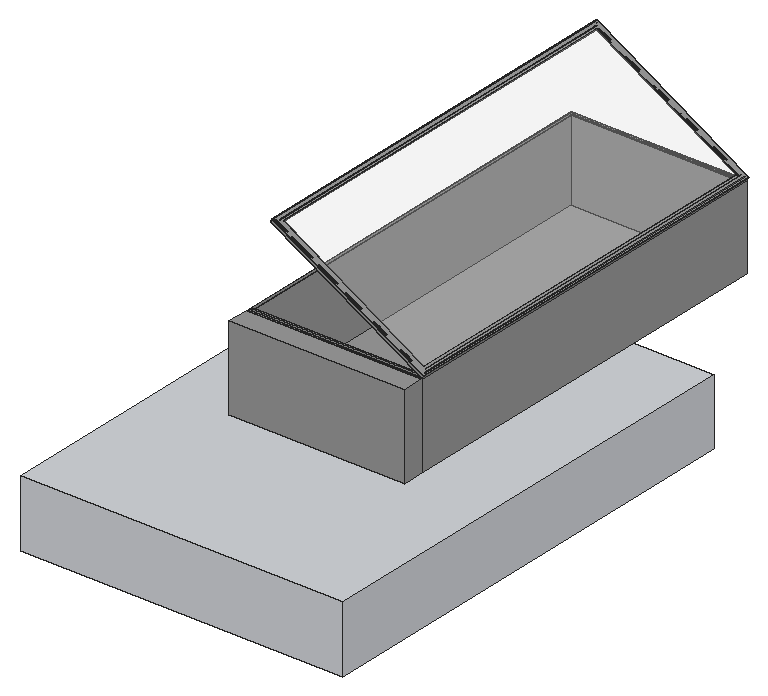
Revit family "Hager-Univers-IP55-D400-H1950-Cl.I-Steel_encl-CH-en", category Equipement électrique, Revit 2020
Family settings
  Hôte = Face
  Configuration du panneau = Deux colonnes, circuits au sein
  Cote de connecteur circulaire = Utiliser le diamètre
  Type d'élément = Tableau de raccordement
  Couper avec des vides une fois chargée = Non
  Partagée = Non
  Point de calcul de pièce = Non
Parameters (values of type "Floor installation IP55 W800 H1950 D400  - FR23V1")
  Width Control [instance] = if([EF000008 - Width] > Min Width, [EF000008 - Width], Min Width)  # 800 mm
  Commentaires du type = [HG000003 - Range]  # "Univers"
  Thickness Door [instance] = if([EF009171 - Material plate thickness door/cover] > 3 mm, 3 mm, [EF009171 - Material plate thickness door/cover])  # 1.5 mm
  Seal Frame Offset [instance] = 17 mm  # constant formula
  Plinth Visibility [instance] = [HG000027 - Plinth height] > 0 mm  # yes
  Model = ""
  Min Width [instance] = 100 mm  # constant formula
  Min Height [instance] = 100 mm  # constant formula
  Min Depth [instance] = (2 * [EF009170 - Material plate thickness cabinet]) + 1 mm  # 4 mm
  Internal Frame Depth [instance] = (Door System Depth * 0.5)  # 9 mm
  Height Control [instance] = if([EF000040 - Height] > Min Height, [EF000040 - Height], Min Height)  # 1950 mm
  HG000027 - Plinth height = 100 mm
  HG000026 - Floor standing = yes
  HG000024 - Bottom section height = 800 mm
  HG000023 - Double section enclosure = no
  HG000016 - Door 3d visibility [instance] = yes
  HG000015 - Clearance visibility [instance] = no
  HG000014 - Door on the right [instance] = yes
  HG000013 - Door on the left [instance] = not([HG000014 - Door on the right])  # no
  HG000012 - Door swing angle [instance] = 30.00°
  HG000010 - Asymmetric doors = no
  HG000009 - Double swing door = no
  HG000006 - Flush mounted = no
  HG000004 - Manufacturer reference = "FR23V1"
  HG000003 - Range = "Univers"
  HG000002 - With door or cover = yes
  Frame Offset Bottom [instance] = 10 mm  # constant formula
  Frame Offset [instance] = 15 mm  # constant formula
  EF015940 - Cover with overpressure release = no
  EF011959 - Degree of protection (NEMA) = ""
  EF009554 - Number of openings for flange plates = 6
  EF009212 - Cover model = "EV000116 - Closed"
  EF009171 - Material plate thickness door/cover = 1.5 mm
  EF009170 - Material plate thickness cabinet = 1.5 mm
  Fabricant = "Hager"  # constant formula
  EF008873 - Nominal current (In) = 800 A
  EF007800 - Suitable for lightning protection = no
  EF006306 - With lock = no
  EF006244 - Transparent cover/door = yes
  EF005474 - Degree of protection (IP) = "EV006420 - IP55"
  EF004464 - Type of door = "EV002646 - Single"
  EF004427 - Number of modules = 432
  EF004293 - Impact strength = "EV008784 - IK10"
  EF003532 - Suitable for outdoor use = no
  EF002950 - Width in number of modular spacings = 24
  EF001613 - Circuit integrity = "EV000494 - None"
  EF001596 - Material housing = "EV000179 - Steel"
  EF001131 - Internal depth = 400 mm
  EF001088 - Extension possible = yes
  EF000437 - Number of conduit inlets = 6
  EF000339 - Type of cover = "EV004216 - Door"
  EF000266 - Number of rows = 12
  EF000218 - Built-in depth = 0 mm
  EF000118 - With mounting plate = no
  EF000116 - RAL-number = "7035"
  EF000049 - Depth = 400 mm
  EF000040 - Height = 1950 mm
  EF000008 - Width = 800 mm
  EF000007 - Colour = "EV000270 - Grey"
  EF000003 - Mounting method = "EV012274 - Floor installation"
  Door System Leaf Tolerance [instance] = 1.5 mm  # constant formula
  Door System Depth [instance] = 18 mm  # constant formula
  Door Height [instance] = Height Control - [HG000027 - Plinth height]  # 1850 mm
  Depth Control [instance] = if([EF000049 - Depth] > Min Depth, [EF000049 - Depth], Min Depth)  # 400 mm
  Default Elevation = 0 mm
  Connector Offset [instance] = Height Control / 2  # 975 mm
  Bottom Top Plate Trim [instance] = 1.5 mm  # constant formula
  Plinth height Ctrl [instance] = if([HG000027 - Plinth height] > 0 mm, [HG000027 - Plinth height], 12 mm)  # 100 mm
Types (11, lengths in mm): name | Width Control | HG000010 - Asymmetric doors | HG000009 - Double swing door | HG000004 - Manufacturer reference | EF009554 - Number of openings for flange plates | EF006244 - Transparent cover/door | EF004464 - Type of door | EF004427 - Number of modules | EF000437 - Number of conduit inlets | EF000008 - Width
  Floor installation IP55 W1050 H1950 D400  - FR24G1 | 1050 | yes | yes | "FR24G1" | 8 | no | "EV003602 - Double" | 576 | 8 | 1050
  Floor installation IP55 W1050 H1950 D400  - FR24V1 | 1050 | yes | yes | "FR24V1" | 8 | yes | "EV003602 - Double" | 576 | 8 | 1050
  Floor installation IP55 W1300 H1950 D400  - FR25G1 | 1300 | yes | yes | "FR25G1" | 10 | no | "EV003602 - Double" | 720 | 10 | 1300
  Floor installation IP55 W1300 H1950 D400  - FR25V1 | 1300 | yes | yes | "FR25V1" | 10 | yes | "EV003602 - Double" | 720 | 10 | 1300
  Floor installation IP55 W1550 H1950 D400  - FR26G1 | 1550 | yes | yes | "FR26G1" | 12 | no | "EV003602 - Double" | 864 | 12 | 1550
  Floor installation IP55 W1550 H1950 D400  - FR26V1 | 1550 | yes | yes | "FR26V1" | 12 | yes | "EV003602 - Double" | 864 | 12 | 1550
  Floor installation IP55 W300 H1950 D400  - FR21G1 | 300 | no | no | "FR21G1" | 2 | no | "EV002646 - Single" | 144 | 2 | 300
  Floor installation IP55 W550 H1950 D400  - FR22G1 | 550 | no | no | "FR22G1" | 4 | no | "EV002646 - Single" | 288 | 4 | 550
  Floor installation IP55 W550 H1950 D400  - FR22V1 | 550 | no | no | "FR22V1" | 4 | yes | "EV002646 - Single" | 288 | 4 | 550
  Floor installation IP55 W800 H1950 D400  - FR23G1 | 800 | no | no | "FR23G1" | 6 | no | "EV002646 - Single" | 432 | 6 | 800
  Floor installation IP55 W800 H1950 D400  - FR23V1 | 800 | no | no | "FR23V1" | 6 | yes | "EV002646 - Single" | 432 | 6 | 800
Reference planes
  plane 1 "Center (Front/Back)": y = 0
  plane 2: z = 0
  plane 3 "Center (Left/Right)": x = 0
  plane 4: z = 400
  plane 5: y = 101.5
  plane 6: y = 1025
  plane 7: y = 100
  plane 8: y = 1950
  plane 9: z = 0
  plane 10: x = -385
  plane 11: x = 385
  plane 12: x = 383.5
  plane 13: x = -383.5
  plane 14: y = 1948.5
  plane 15: x = -383
  plane 16: x = -400
  plane 17: x = 383
  plane 18: x = 400
  plane 19: x = 398.5
  plane 20: x = -398.5
  plane 21: y = 111.5
  plane 22: y = 1950
  plane 23: y = 1933.5
  plane 24: z = 382
  plane 25: z = 1.5
  plane 26: z = 380.5
  plane 27: z = 398.5
Forms (mm)
  Extrusion 1, solid
    sketch origin (0, 0, 0) x (1, 0, 0) y (0, 1, 0)
      loop
        line (-702.964, 1305) -> (-702.964, -811.445) -> (766.763, -811.445) -> (766.763, 1305) -> (-702.964, 1305)
    from 0 to -304.8
  Extrusion 2, solid, material "Hager_Steel_RAL7035_Light_Grey", visible <- "Plinth Visibility", detail levels medium+fine
    sketch origin (0, 0, 0) x (1, 0, 0) y (0, 1, 0)
      loop
        line (-400, 0) -> (400, 0) -> (400, 100) -> (-400, 100) -> (-400, 0)
    from 0 to 382
  Extrusion 3, solid, material "Hager_Steel_RAL7035_Light_Grey", detail levels medium+fine
    sketch origin (0, 0, 0) x (1, 0, 0) y (0, 1, 0)
      loop
        line (-400, 100) -> (400, 100) -> (400, 1950) -> (-400, 1950) -> (-400, 100)
    from 0 to 382
  Extrusion 4, void
    sketch origin (0, 0, 0) x (1, 0, 0) y (0, 1, 0)
      loop
        line (-398.5, 101.5) -> (398.5, 101.5) -> (398.5, 1948.5) -> (-398.5, 1948.5) -> (-398.5, 101.5)
    from 1.5 to 380.5
  Extrusion 5, void
    sketch origin (-381.607, -4572, 382) x (0, -1, 0) y (-1, 0, 0)
      loop
        line (-4683.5, 1.893) -> (-6505.5, 1.893) -> (-6505.5, -765.107) -> (-4683.5, -765.107) -> (-4683.5, 1.893)
    from 0 to 1.5 <- "EF009170 - Material plate thickness cabinet"
  Extrusion 6, solid, material "Hager_Steel_RAL7035_Light_Grey", detail levels fine
    sketch origin (0, 0, 382) x (1, 0, 0) y (0, 1, 0)
      loop
        line (-383.5, 1933.5) -> (-383.5, 111.5) -> (383.5, 111.5) -> (383.5, 1933.5) -> (-383.5, 1933.5)
      loop
        line (-385, 110) -> (385, 110) -> (385, 1935) -> (-385, 1935) -> (-385, 110)
    from 0 to 9 <- "Internal Frame Depth"
  Extrusion 7, solid, material "Hager_Steel_RAL7035_Light_Grey", detail levels coarse
    sketch origin (0, 0, 0) x (1, 0, 0) y (0, 1, 0)
      loop
        line (-400, 0) -> (400, 0) -> (400, 1950) -> (-400, 1950) -> (-400, 0)
    from 0 to 400
  Sweep 8, void
    path in 3D
      loop
        line (-400, 100, 0) -> (400, 100, 0) -> (400, 100, 382) -> (-400, 100, 382) -> (-400, 100, 0)
    profile origin (-400, 100, 191) x (-1, 0, 0) y (0, -1, 0)
      loop
        line (0, 0) -> (0, 1.5) -> (-1.5, 1.5)
        arc (-1.5, 1.5) -> (-1.061, 0.439) -> (0, 0) r 1.5
Cuts and joins
  Extrusion 4, Extrusion 5 cuts Extrusion 3
  Sweep 8 cuts Extrusion 2
Lines and regions (mm)
  Masking region 1
    outline origin (0, 0, 0) x (1, 0, 0) y (0, 0, 1)
      loop
        line (-400, 400) -> (-400, 0) -> (400, 0) -> (400, 400) -> (-400, 400)
  Masking region 2, detail levels medium+fine
    outline origin (0, 140, 0) x (0, 1, 0) y (0, 0, 1)
      loop
        line (-40, 0) -> (1810, 0) -> (1810, 382) -> (-40, 382) -> (-40, 0)
  Masking region 3, not visible, detail levels medium+fine
    outline origin (0, 297.922, 0) x (0, 1, 0) y (0, 0, 1)
      loop
        line (738.578, 0) -> (778.578, 0) -> (778.578, 388.5)
        arc (778.578, 388.5) -> (775.649, 395.571) -> (768.578, 398.5) r 10
        line (768.578, 398.5) -> (738.578, 398.5) -> (738.578, 0)
  Masking region 4, detail levels coarse
    outline origin (0, 0, 180) x (0, 1, 0) y (0, 0, 1)
      loop
        line (0, -180) -> (1950, -180) -> (1950, 220) -> (0, 220) -> (0, -180)
  Masking region 5, visible <- "Plinth Visibility", detail levels medium+fine
    outline origin (0, 52.24, 12.345) x (0, 0, -1) y (0, 1, 0)
      loop
        line (10.845, 47.76) -> (-368.155, 47.76)
        arc (-368.155, 47.76) -> (-368.594, 46.699) -> (-369.655, 46.26) r 1.5
        line (-369.655, 46.26) -> (-369.655, -52.24) -> (12.345, -52.24) -> (12.345, 46.26)
        arc (12.345, 46.26) -> (11.285, 46.699) -> (10.845, 47.76) r 1.5
  Masking region 6, detail levels medium+fine
    outline origin (-381.607, -4572, 382) x (-1, 0, 0) y (0, -1, 0)
      loop
        line (18.393, -6522) -> (18.393, -4672) -> (-781.607, -4672) -> (-781.607, -6522) -> (18.393, -6522)
  Masking region 7, visible <- "Plinth Visibility", detail levels medium+fine
    outline origin (-381.607, -4727, 382) x (-1, 0, 0) y (0, -1, 0)
      loop
        arc (16.893, -4827) -> (17.332, -4825.939) -> (18.393, -4825.5) r 1.5
        line (18.393, -4825.5) -> (18.393, -4727) -> (-781.607, -4727) -> (-781.607, -4825.5)
        arc (-781.607, -4825.5) -> (-780.546, -4825.939) -> (-780.107, -4827) r 1.5
        line (-780.107, -4827) -> (16.893, -4827)
  Masking region 8, detail levels coarse
    outline origin (-442.548, -4669.526, 382) x (-1, 0, 0) y (0, -1, 0)
      loop
        line (-42.548, -6619.526) -> (-42.548, -4669.526) -> (-842.548, -4669.526) -> (-842.548, -6619.526) -> (-42.548, -6619.526)
  sketch lines
    curve 1: line (-400, 100, 382) -> (-400, 100, 0)
    curve 2: line (400, 100, 382) -> (-400, 100, 382)
    curve 3: line (400, 100, 382) -> (400, 100, 0)
    curve 4: line (-400, 100, 0) -> (400, 100, 0)
Dimensions and locks
  "Depth Control": plane 4 to Extrusion 1
  "HG000027 - Plinth height": plane 1 "Center (Front/Back)" to plane 7
  "EF009170 - Material plate thickness cabinet": plane 5 to plane 7
  locked: connector elem to plane 3 "Center (Left/Right)"
  equal spacing: plane 8, plane 6, plane 7
  locked: connector elem to plane 6
  "EF009170 - Material plate thickness cabinet": plane 8 to plane 14
  "EF009170 - Material plate thickness cabinet": plane 10 to plane 13
  "EF009170 - Material plate thickness cabinet": plane 12 to plane 11
  "Frame Offset": plane 20 to plane 13
  "Frame Offset": plane 12 to plane 19
  "EF009170 - Material plate thickness cabinet": plane 16 to plane 20
  "EF009170 - Material plate thickness cabinet": plane 19 to plane 18
  "Seal Frame Offset": plane 16 to plane 15
  "Seal Frame Offset": plane 17 to plane 18
  "Frame Offset Bottom": plane 21 to plane 5
  "Frame Offset": plane 14 to plane 23
  equal spacing: plane 16, plane 3 "Center (Left/Right)", plane 18
  "Width Control": plane 16 to plane 18
  "EF009170 - Material plate thickness cabinet": plane 4 to plane 27
  "EF009170 - Material plate thickness cabinet": plane 24 to plane 26
  "EF009170 - Material plate thickness cabinet": plane 25 to level
  "Door System Depth": plane 4 to plane 24
  "Height Control": plane 1 "Center (Front/Back)" to Extrusion 7 sketch curve
  "Height Control": Masking region 4 sketch curve to plane 1 "Center (Front/Back)"
  "Height Control": plane 1 "Center (Front/Back)" to plane 22
  "Bottom Top Plate Trim": profile plane to Sweep 8 sketch curve
  "Bottom Top Plate Trim": Sweep 8 sketch curve to profile plane
  "Plinth height Ctrl": plane 1 "Center (Front/Back)" to Extrusion 2 sketch curve
  "Plinth height Ctrl": Masking region 5 sketch curve to plane 1 "Center (Front/Back)"
  "Plinth height Ctrl": plane 1 "Center (Front/Back)" to Masking region 7 sketch curve
  "Thickness Door": Extrusion 6 sketch curve to Extrusion 6 sketch curve  (x3)
  "Thickness Door": cut or joined group of Extrusion 3, Extrusion 4, Extrusion 5 to Extrusion 6 sketch curve
  radius of Masking region 3 sketch curve = 10 mm
  "Bottom Top Plate Trim": radius of Masking region 5 sketch curve  (x2)
  "Bottom Top Plate Trim": radius of Sweep 8 sketch curve
  "Bottom Top Plate Trim": radius of Masking region 7 sketch curve  (x2)
  aligned and locked: plane 2 to Extrusion 1
  aligned and locked: level to Extrusion 1
  aligned and locked: level to Masking region 1 sketch curve
  aligned and locked: Masking region 1 sketch curve to plane 18
  aligned and locked: Masking region 1 sketch curve to plane 16
  aligned and locked: plane 7 to Masking region 2 sketch curve
  aligned and locked: level to Masking region 3 sketch curve
  aligned and locked: Masking region 3 sketch curve to plane 27
  aligned and locked: level to Masking region 2 sketch curve
  aligned and locked: plane 1 "Center (Front/Back)" to Extrusion 2 sketch curve
  aligned and locked: Extrusion 3 sketch curve to plane 7
  aligned and locked: plane 16 to Extrusion 3 sketch curve
  aligned and locked: plane 18 to Extrusion 3 sketch curve
  aligned and locked: plane 20 to Extrusion 4 sketch curve
  aligned and locked: plane 19 to Extrusion 4 sketch curve
  aligned and locked: Extrusion 4 sketch curve to plane 5
  aligned and locked: Extrusion 4 to plane 25
  aligned and locked: plane 26 to Extrusion 4
  aligned and locked: plane 24 to Extrusion 3
  aligned and locked: Extrusion 5 sketch curve to plane 21
  aligned and locked: Extrusion 5 sketch curve to plane 13
  aligned and locked: Extrusion 5 sketch curve to plane 12
  aligned and locked: plane 18 to Extrusion 7 sketch curve
  aligned and locked: plane 1 "Center (Front/Back)" to Extrusion 7 sketch curve
  aligned and locked: plane 16 to Extrusion 7 sketch curve
  aligned and locked: plane 4 to Extrusion 7
  aligned and locked: Extrusion 7 to level
  aligned and locked: level to Masking region 4 sketch curve
  aligned and locked: Masking region 4 sketch curve to plane 1 "Center (Front/Back)"
  aligned and locked: Masking region 4 sketch curve to plane 4
  aligned and locked: nested 1 to level
  aligned and locked: nested 1 to plane 16
  aligned and locked: plane 8 to Extrusion 3 sketch curve
  aligned and locked: plane 23 to Extrusion 5 sketch curve
  aligned and locked: plane 14 to Extrusion 4 sketch curve
  aligned and locked: Masking region 2 sketch curve to plane 8
  aligned and locked: level to Masking region 5 sketch curve
  aligned and locked: plane 16 to Extrusion 2 sketch curve
  aligned and locked: plane 18 to Extrusion 2 sketch curve
  aligned and locked: Masking region 5 sketch curve to plane 24
  aligned and locked: Masking region 2 sketch curve to plane 24
  aligned and locked: plane 24 to Extrusion 2
  aligned and locked: profile plane to Sweep 8 sketch curve  (x2)
  aligned and locked: Masking region 6 sketch curve to plane 18
  aligned and locked: Masking region 6 sketch curve to plane 22
  aligned and locked: Masking region 6 sketch curve to plane 16
  aligned and locked: plane 8 to plane 22
  aligned and locked: Masking region 6 sketch curve to plane 7
  aligned and locked: Masking region 7 sketch curve to plane 16
  aligned and locked: Masking region 7 sketch curve to plane 1 "Center (Front/Back)"
  aligned and locked: Masking region 7 sketch curve to plane 18
  aligned and locked: Masking region 8 sketch curve to plane 1 "Center (Front/Back)"
  aligned and locked: Masking region 8 sketch curve to plane 18
  aligned and locked: Masking region 8 sketch curve to plane 22
  aligned and locked: Masking region 8 sketch curve to plane 16
  aligned and locked: nested 2 to plane 7
  aligned and locked: plane 3 "Center (Left/Right)" to nested 2
  aligned and locked: nested 2 to plane 24
  aligned and locked: Extrusion 6 sketch curve to cut or joined group of Extrusion 3, Extrusion 4, Extrusion 5  (x4)
Automatic sketch dimensions
  Extrusion 1 sketch curve to Extrusion 1 sketch curve = 1469.727 mm
  Extrusion 1 sketch curve to Extrusion 1 sketch curve = 2116.445 mm
  Masking region 1 sketch curve to plane 4 = 0 mm
  plane 6 to Masking region 3 sketch curve = 11.5 mm
  Masking region 3 sketch curve to Masking region 3 sketch curve = 30 mm
  Masking region 5 sketch curve to plane 1 "Center (Front/Back)" = 0 mm
Nested families
  nested 1: "Hager_Enclosure_Symbol" at (-400, 0, 0) x (1, 0, 0) z (0, -1, 0), Height <- "Depth Control", Width <- "Width Control", type "Hager_Enclosure_Symbol"
    with Width_Ctrl 800 mm, Width 800 mm, Height_Ctrl 400 mm, Height 400 mm, A_Width_Int 26.25 mm, A_Width 315 mm, A_Height_Ctrl 350 mm, A_Height 350 mm
  nested 2: "EC000058_Univers_Door" at (0, 100, 382) x (1, 0, 0) z (0, 1, 0), Leaf_Tolerance <- "Door System Leaf Tolerance", Angle <- "HG000012 - Door swing angle", Door_Depth <- "Door System Depth", Door_Left <- "HG000013 - Door on the left", Transparent <- "EF006244 - Transparent cover/door", Assymetrical <- "HG000010 - Asymmetric doors", Width <- "Width Control", Clearance <- "HG000015 - Clearance visibility", Double <- "HG000009 - Double swing door", 3d_Door <- "HG000016 - Door 3d visibility", Lock_Visibility <- "EF006306 - With lock", Width_Ctrl <- "Width Control", Door_Right <- "HG000014 - Door on the right", Door <- "HG000002 - With door or cover", Height <- "Door Height", Thickness <- "Thickness Door", type "EC000058_Univers_Door", detail levels medium+fine
    with min_wh 4 mm, Width_Ctrl 800 mm, Width 800 mm, Transparent yes, Thickness 1.5 mm, Seal_Material Hager_Rubber, Lock_Visibility no, Lock_Material Hager_Plastic_RAL9005_Jet_Black, Leaf_Width 800 mm, Leaf_Tolerance_External_Sides 0 mm, Leaf_Tolerance 1.5 mm, Leaf_Offset 0 mm, Leaf_Height 1847 mm, Leaf_2_Width 800 mm, Leaf_2_Offset 400 mm, Leaf_1_Width 800 mm, Leaf_1_Offset 400 mm, Height_Ctrl 1850 mm, Height 1850 mm, Glass_Material Hager_Glass, Double_Clearance_Ctrl no, Double no, Door_Right_Ctrl yes, Door_Right yes, Door_Material Hager_Steel_RAL7035_Light_Grey, Door_Left_Ctrl no, Door_Left no, Door_Depth 18 mm, Door yes, Clearance_Material Hager_Clearance, Clearance_Depth 800 mm, Clearance_Ctrl no, Clearance no, Assymetrical no, Angle 30.00°, 3d_Door yes
Connectors
  electrical at (0, 1025, 0)
    settings: on plane 9, index 1, voltage 0 V, apparent load 0 VA, apparent load phase1 0 VA, apparent load phase2 0 VA, apparent load phase3 0 VA, power factor 1, load classification "Other", number of poles 1, system type 30, power factor state 1, is connector primary yes, connector utility no, sub classification motor no, connector description ""
Definition of nested family "EC000058_Univers_Door"
  Parameters (values of type "EC000058_Univers_Door")
    min_wh [instance] = (2 * Thickness) + 1 mm  # 11 mm
    Width_Ctrl [instance] = 400 mm
    Width [instance] = 500 mm
    Transparent [instance] = yes
    Thickness [instance] = 5 mm
    Seal_Material [instance] = none
    Lock_Visibility [instance] = yes
    Lock_Material [instance] = none
    Leaf_Width [instance] = if((Width_Ctrl - 2 * Leaf_Tolerance_External_Sides) > 0 mm, (Width_Ctrl - 2 * Leaf_Tolerance_External_Sides), min_wh)  # 400 mm
    Leaf_Tolerance_External_Sides [instance] = 0 mm  # constant formula
    Leaf_Tolerance [instance] = 1.5 mm
    Leaf_Offset [instance] = 0 mm  # constant formula
    Leaf_Height [instance] = if((Height_Ctrl - 2 * Leaf_Tolerance) > 0 mm, (Height_Ctrl - 2 * Leaf_Tolerance), min_wh)  # 497 mm
    Leaf_2_Width [instance] = if(and(and(Double, Assymetrical), Door_Left), (Leaf_Width / 3) - (Leaf_Tolerance / 2), if(and(and(Double, Assymetrical), Door_Right), (Leaf_Width / 3) * 2 - (Leaf_Tolerance / 2), if(and(Double, not(Assymetrical)), (Leaf_Width / 2) - Leaf_Tolerance, Leaf_Width)))  # 400 mm
    Leaf_2_Offset [instance] = if(and(Double, Assymetrical), Leaf_2_Width / 2, if(and(Double, not(Assymetrical)), Leaf_Width / 4, Leaf_Width / 2))  # 200 mm
    Leaf_1_Width [instance] = if(and(and(Double, Assymetrical), Door_Right), (Leaf_Width / 3) - (Leaf_Tolerance / 2), if(and(and(Double, Assymetrical), Door_Left), (Width / 3) * 2 - (Leaf_Tolerance / 2), if(and(Double, not(Assymetrical)), (Leaf_Width / 2) - Leaf_Tolerance, Leaf_Width)))  # 400 mm
    Leaf_1_Offset [instance] = if(and(Double, Assymetrical), Leaf_1_Width / 2, if(and(Double, not(Assymetrical)), Leaf_Width / 4, Leaf_Width / 2))  # 200 mm
    Height_Ctrl [instance] = if(Height > min_wh, Height, min_wh)  # 500 mm
    Height [instance] = 500 mm
    Glass_Material [instance] = none
    Double_Clearance_Ctrl [instance] = and(Double, Clearance)  # no
    Double [instance] = no
    Door_Right_Ctrl [instance] = and(or(Door_Right, Double), Door)  # yes
    Door_Right [instance] = yes
    Door_Material [instance] = none
    Door_Left_Ctrl [instance] = and(or(Door_Left, Double), Door)  # no
    Door_Left [instance] = no
    Door_Depth [instance] = 30 mm
    Door [instance] = yes
    Default Elevation = 1219.2 mm
    Clearance_Material [instance] = none
    Clearance_Depth [instance] = if(Leaf_1_Width > Leaf_2_Width, Leaf_1_Width, Leaf_2_Width)  # 400 mm
    Clearance_Ctrl [instance] = and(not(Double), Clearance)  # yes
    Clearance [instance] = yes
    Assymetrical [instance] = yes
    Angle [instance] = 30.00°
    3d_Door [instance] = yes
  Reference planes
    plane 1 "Center (Front/Back)": y = 0
    plane 2 "Bottom": z = 0
    plane 3 "Center (Left/Right)": x = 0
    plane 4: z = 500
    plane 5: x = -200
    plane 6: x = 200
    plane 7: z = 500
    plane 8: x = -200
    plane 9: z = 0
    plane 10: x = 200
    plane 11: y = 0
    plane 12: z = 1.5
    plane 13: x = -600
    plane 14: y = -400
    plane 15: x = 600
    plane 16: x = 0
    plane 17: x = 0
    plane 18: x = -200
    plane 19: x = 200
    plane 20: z = 498.5
  Forms (mm)
    Extrusion 1, solid, material <- "Clearance_Material", visible <- "Double_Clearance_Ctrl"
      sketch origin (1200, 0, 0) x (1, 0, 0) y (0, 0, -1)
        loop
          line (-1800, -498.5) -> (-600, -498.5) -> (-600, 0) -> (-1800, 0) -> (-1800, -498.5)
      from 0 to -400
  Dimensions and locks
    equal spacing: plane 5, plane 3 "Center (Left/Right)", plane 6
    "Width_Ctrl": plane 5 to plane 6
    "Leaf_Offset": plane 5 to plane 8
    "Leaf_Offset": plane 6 to plane 10
    "Leaf_Offset": plane 9 to level
    "Leaf_Offset": plane 4 to plane 7
    "Height_Ctrl": plane 4 to level
    "Leaf_Tolerance": plane 12 to plane 9
    locked: plane 11 to plane 1 "Center (Front/Back)"
    "Leaf_1_Offset": plane 18 to plane 16
    "Leaf_2_Offset": plane 17 to plane 19
    "Leaf_1_Width": plane 13 to plane 8
    "Leaf_2_Width": plane 10 to plane 15
    "Clearance_Depth": plane 14 to plane 1 "Center (Front/Back)"
    "Leaf_Tolerance_External_Sides": plane 8 to plane 18
    "Leaf_Tolerance_External_Sides": plane 19 to plane 10
    "Leaf_Tolerance": plane 7 to plane 20
    aligned and locked: level to plane 2 "Bottom"
    aligned and locked: nested 1 to plane 16
    aligned and locked: nested 2 to plane 17
    aligned and locked: Extrusion 1 to plane 13
    aligned and locked: plane 15 to Extrusion 1
    aligned and locked: Extrusion 1 to plane 14
    aligned and locked: plane 12 to nested 1
    aligned and locked: nested 2 to plane 12
    aligned and locked: Extrusion 1 to plane 11
    aligned and locked: plane 20 to Extrusion 1
    aligned and locked: nested 2 to plane 11
    aligned and locked: nested 1 to plane 11
  Automatic sketch dimensions
    Extrusion 1 sketch curve to level = 0 mm
    plane 5 to Extrusion 1 sketch curve = 400 mm
    plane 6 to Extrusion 1 sketch curve = 400 mm
    Extrusion 1 sketch curve to plane 4 = 1.5 mm
  Nested families
    nested 1: "EC000058_Univers_Door_Leaf" at (0, 0, 1.5), Width <- "Leaf_1_Width", visible <- "Door_Left_Ctrl", Leaf_Height <- "Leaf_Height", Angle <- "Angle", 3d_Door <- "3d_Door", Transparent <- "Transparent", Clearance Material <- "Clearance_Material", Clearance <- "Clearance_Ctrl", Door_Material <- "Door_Material", Glass_Material <- "Glass_Material", Door_Depth <- "Door_Depth", Lock_Material <- "Lock_Material", Seal_Material <- "Seal_Material", Lock_Visibility <- "Lock_Visibility", Thickness <- "Thickness", type "EC000058_Univers_Door_Leaf"
      with Width 400 mm, Transparent_Glass_Offset 30 mm, Transparent_Ctrl yes, Transparent yes, Thickness 5 mm, Standard no, Seal_Material none, Seal_D2 8 mm, Seal_D1 1 mm, Offset_Internal_Frame 10 mm, Lock_Width 20 mm, Lock_Visibility_3d yes, Lock_Visibility yes, Lock_Thickness_3 3 mm, Lock_Thickness_2 1 mm, Lock_Thickness_1 3 mm, Lock_Radius_Offset_2 16 mm, Lock_Radius_Offset_1 15 mm, Lock_Radius_2 5 mm, Lock_Radius 6 mm, Lock_Offset 5 mm, Lock_Material none, Lock_Height 80 mm, Lock_Cover_Top_Offset_2d 17 mm, Lock_Cover_Height -65 mm, Leaf_Height 497 mm, Internal_Seal_Thickness 8 mm, Internal_Seal_Depth_2 4.5 mm, Internal_Frame_Depth 25 mm, Glass_Thickness -1 mm, Glass_Offset -2 mm, Glass_Material none, Door_Material none, Door_Depth 30 mm, Clearance Material none, Clearance yes, Angle_Ctrl 30.00°, Angle 30.00°, 3d_Door yes
    nested 2: "EC000058_Univers_Door_Leaf" at (0, 0, 1.5) x (-1, 0, 0) z (0, 0, 1), Width <- "Leaf_2_Width", visible <- "Door_Right_Ctrl", Leaf_Height <- "Leaf_Height", Angle <- "Angle", 3d_Door <- "3d_Door", Transparent <- "Transparent", Clearance Material <- "Clearance_Material", Clearance <- "Clearance_Ctrl", Door_Material <- "Door_Material", Glass_Material <- "Glass_Material", Door_Depth <- "Door_Depth", Lock_Material <- "Lock_Material", Seal_Material <- "Seal_Material", Lock_Visibility <- "Lock_Visibility", Thickness <- "Thickness", type "EC000058_Univers_Door_Leaf"
      with Width 400 mm, Transparent_Glass_Offset 30 mm, Transparent_Ctrl yes, Transparent yes, Thickness 5 mm, Standard no, Seal_Material none, Seal_D2 8 mm, Seal_D1 1 mm, Offset_Internal_Frame 10 mm, Lock_Width 20 mm, Lock_Visibility_3d yes, Lock_Visibility yes, Lock_Thickness_3 3 mm, Lock_Thickness_2 1 mm, Lock_Thickness_1 3 mm, Lock_Radius_Offset_2 16 mm, Lock_Radius_Offset_1 15 mm, Lock_Radius_2 5 mm, Lock_Radius 6 mm, Lock_Offset 5 mm, Lock_Material none, Lock_Height 80 mm, Lock_Cover_Top_Offset_2d 17 mm, Lock_Cover_Height -65 mm, Leaf_Height 497 mm, Internal_Seal_Thickness 8 mm, Internal_Seal_Depth_2 4.5 mm, Internal_Frame_Depth 25 mm, Glass_Thickness -1 mm, Glass_Offset -2 mm, Glass_Material none, Door_Material none, Door_Depth 30 mm, Clearance Material none, Clearance yes, Angle_Ctrl 30.00°, Angle 30.00°, 3d_Door yes
  Definition of nested family "EC000058_Univers_Door_Leaf"
    Parameters (values of type "EC000058_Univers_Door_Leaf")
      Width [instance] = 2000 mm
      Transparent_Glass_Offset [instance] = 30 mm
      Transparent_Ctrl [instance] = and(Transparent, [3d_Door])  # yes
      Transparent [instance] = yes
      Thickness [instance] = 5 mm
      Standard [instance] = and(not(Transparent), [3d_Door])  # no
      Seal_Material [instance] = none
      Seal_D2 [instance] = 8 mm  # constant formula
      Seal_D1 [instance] = 1 mm  # constant formula
      Offset_Internal_Frame [instance] = 10 mm  # constant formula
      Lock_Width [instance] = 20 mm  # constant formula
      Lock_Visibility_3d [instance] = and(Lock_Visibility, [3d_Door])  # yes
      Lock_Visibility [instance] = yes
      Lock_Thickness_3 [instance] = 3 mm  # constant formula
      Lock_Thickness_2 [instance] = 1 mm  # constant formula
      Lock_Thickness_1 [instance] = 3 mm  # constant formula
      Lock_Radius_Offset_2 [instance] = Lock_Radius_Offset_1 + 1 mm  # 16 mm
      Lock_Radius_Offset_1 [instance] = 15 mm  # constant formula
      Lock_Radius_2 [instance] = Lock_Radius - 1 mm  # 5 mm
      Lock_Radius [instance] = 6 mm  # constant formula
      Lock_Offset [instance] = 5 mm  # constant formula
      Lock_Material [instance] = none
      Lock_Height [instance] = 80 mm  # constant formula
      Lock_Cover_Top_Offset_2d [instance] = Lock_Radius_Offset_2 + 1 mm  # 17 mm
      Lock_Cover_Height [instance] = -(Lock_Height - Lock_Radius_Offset_1)  # -65 mm
      Leaf_Height [instance] = 2720.336 mm
      Internal_Seal_Thickness [instance] = 8 mm  # constant formula
      Internal_Seal_Depth_2 [instance] = 4.5 mm  # constant formula
      Internal_Frame_Depth [instance] = if(Door_Depth - Thickness > 5 mm, Door_Depth - Thickness, 5 mm)  # 25 mm
      Glass_Thickness [instance] = if(Thickness > 15 mm, Glass_Offset + 10 mm, -1 mm)  # -1 mm
      Glass_Offset [instance] = if(Thickness > 15 mm, -(Thickness + 10 mm) / 2, -2 mm)  # -2 mm
      Glass_Material [instance] = none
      Door_Material [instance] = none
      Door_Depth [instance] = 30 mm
      Default Elevation = 0 mm
      Clearance Material [instance] = none
      Clearance [instance] = yes
      Angle_Ctrl [instance] = if(Angle > 180.00°, 180.00°, Angle)  # 90.00°
      Angle [instance] = 90.00°
      3d_Door [instance] = yes
    Reference planes
      plane 1 "Center (Front/Back)": y = 0
      plane 2: z = 0
      plane 3 "Center (Left/Right)": x = 0
      plane 4: y = 2000
      plane 5: x = -1000
      plane 6: x = 1000
      plane 7: x = -3000
      plane 8: z = 2720.336
      plane 9: z = 30
      plane 10: z = 2690.336
      plane 11: x = 970
      plane 12: x = -970
      plane 13: y = -3
      plane 14: z = 107.833
      plane 15: y = -5
      plane 16: y = -223.314
      plane 17: x = -1000
      plane 18: z = 1360.168
      plane 19: y = 30
    Forms (mm)
      Extrusion 1, solid, material <- "Clearance Material", visible <- "Clearance"
        sketch origin (0, 0, 0) x (1, 0, 0) y (0, 0, 1)
          loop
            line (-3000, 2720.336) -> (-3000, 0) -> (1000, 0) -> (1000, 2720.336) -> (-3000, 2720.336)
        from 0 to -2000
      Extrusion 2, solid, material <- "Door_Material", visible <- "Standard", detail levels medium+fine
        sketch origin (-1000, 0, 0) x (0, 1, 0) y (-1, 0, 0)
          loop
            line (0, 30) -> (0, 25) -> (2000, 25) -> (2000, 30) -> (0, 30)
        from 0 to 2720.336 <- "Leaf_Height"
      Extrusion 3, solid, material <- "Door_Material", visible <- "Transparent_Ctrl", detail levels medium+fine
        sketch origin (-1000, 0, 0) x (0, 1, 0) y (-1, 0, 0)
          loop
            line (0, 25) -> (2000, 25) -> (2000, 30) -> (0, 30) -> (0, 25)
        from 0 to 2720.336 <- "Leaf_Height"
      Extrusion 4, void
        sketch origin (-1025, 2000, 0) x (0, 1, 0) y (0, 0, -1)
          loop
            line (-30, -2690.336) -> (-30, -30) -> (-1970, -30) -> (-1970, -2690.336) -> (-30, -2690.336)
        from 0 to 5 <- "Thickness"
      Sweep 5, solid, material <- "Seal_Material", visible <- "Transparent_Ctrl", detail levels fine
        path in 3D
          loop
            line (-1025, 30, 30) -> (-1025, 30, 2690.336) -> (-1025, 1970, 2690.336) -> (-1025, 1970, 30) -> (-1025, 30, 30)
        profile origin (-1025, 1000, 30) x (1, 0, 0) y (0, 0, 1)
          loop
            line (0, 0) -> (0, -8) -> (1, -8) -> (1, 0) -> (0, 0)
      Extrusion 6, solid, material <- "Glass_Material", visible <- "Transparent_Ctrl", detail levels medium+fine
        sketch origin (-1030, 0, 0) x (0, 1, 0) y (0, 0, -1)
          loop
            line (1970, -2690.336) -> (1970, -30) -> (30, -30) -> (30, -2690.336) -> (1970, -2690.336)
        from -2 <- "Glass_Offset" to -1 <- "Glass_Thickness"
      Extrusion 7, solid, material <- "Door_Material", visible <- "3d_Door", detail levels medium+fine
        sketch origin (-1025, 2000, 0) x (0, -1, 0) y (0, 0, -1)
          loop
            line (0, -2720.336) -> (2000, -2720.336) -> (2000, 0) -> (0, 0) -> (0, -2720.336)
          loop
            line (1995, -5) -> (5, -5) -> (5, -2715.336) -> (1995, -2715.336) -> (1995, -5)
        from 0 to 25 <- "Internal_Frame_Depth"
      Sweep 8, solid, material <- "Seal_Material", visible <- "Transparent_Ctrl", detail levels fine
        path in 3D
          loop
            line (-1025, 0, 0) -> (-1025, 2000, 0) -> (-1025, 2000, 2720.336) -> (-1025, 0, 2720.336) -> (-1025, 0, 0)
        profile origin (-1025, 0, 1360.168) x (1, 0, 0) y (0, 1, 0)
          loop
            line (0, 10) -> (2.975, 10)
            arc (2.975, 10) -> (4.053, 10.447) -> (4.5, 11.525) r 1.525
            line (4.5, 11.525) -> (4.5, 16.527)
            arc (4.5, 16.527) -> (4.069, 17.569) -> (3.027, 18) r 1.473
            line (3.027, 18) -> (0, 18) -> (0, 10)
      Extrusion 9, solid, material <- "Lock_Material", visible <- "Lock_Visibility_3d", detail levels fine
        sketch origin (-1030, 0, 0) x (0, 1, 0) y (0, 0, -1)
          loop
            arc (1993.5, -1400.168) -> (1994.561, -1399.729) -> (1995, -1398.668) r 1.5
            line (1995, -1398.668) -> (1995, -1320.168) -> (1975, -1320.168) -> (1975, -1398.668)
            arc (1975, -1398.668) -> (1975.439, -1399.729) -> (1976.5, -1400.168) r 1.5
            line (1976.5, -1400.168) -> (1993.5, -1400.168)
        from 3 <- "Lock_Thickness_1" to 0
      Blend 10, solid, material <- "Lock_Material", visible <- "Lock_Visibility_3d", detail levels fine
        base sketch origin (-1033, 0, 0) x (0, 1, 0) y (0, 0, -1)
          loop
            line (1975, -1320.168) -> (1975, -1398.668)
            arc (1975, -1398.668) -> (1975.439, -1399.729) -> (1976.5, -1400.168) r 1.5
            line (1976.5, -1400.168) -> (1993.5, -1400.168)
            arc (1993.5, -1400.168) -> (1994.561, -1399.729) -> (1995, -1398.668) r 1.5
            line (1995, -1398.668) -> (1995, -1320.168) -> (1975, -1320.168)
        top sketch origin (-1033, 0, 0) x (0, 1, 0) y (0, 0, -1)
          loop
            line (1976, -1320.168) -> (1976, -1398.668)
            arc (1976, -1398.668) -> (1976.146, -1399.022) -> (1976.5, -1399.168) r 0.5
            line (1976.5, -1399.168) -> (1993.5, -1399.168)
            arc (1993.5, -1399.168) -> (1993.854, -1399.022) -> (1994, -1398.668) r 0.5
            line (1994, -1398.668) -> (1994, -1320.168) -> (1976, -1320.168)
        from 0 to 1 <- "Lock_Thickness_2"
      Blend 11, solid, material <- "Lock_Material", visible <- "Lock_Visibility_3d", detail levels fine
        base sketch origin (-1034, 0, 0) x (0, 1, 0) y (0, 0, -1)
          loop
            line (1978, -1320.168) -> (1978, -1384.168)
            arc (1978, -1384.168) -> (1985, -1391.168) -> (1992, -1384.168) r 7
            line (1992, -1384.168) -> (1992, -1320.168) -> (1978, -1320.168)
        top sketch origin (-1034, 0, 0) x (0, 1, 0) y (0, 0, -1)
          loop
            line (1991, -1320.168) -> (1979, -1320.168) -> (1979, -1383.168)
            arc (1979, -1383.168) -> (1985, -1389.168) -> (1991, -1383.168) r 6
            line (1991, -1383.168) -> (1991, -1320.168)
        from 0 to 3 <- "Lock_Thickness_3"
      Extrusion 12, solid, material <- "Lock_Material", visible <- "Lock_Visibility_3d", detail levels fine
        sketch origin (-1030, 1975, 1320.168) x (1, 0, 0) y (0, -1, 0)
          loop
            line (-7, -19) -> (-7, -1) -> (0, -1) -> (0, 0) -> (-8, 0) -> (-8, -20) -> (0, -20) -> (0, -19) -> (-7, -19)
        from 0 to -65 <- "Lock_Cover_Height"
      Extrusion 13, void
        sketch origin (-1038, 1995, 1320.168) x (-1, 0, 0) y (0, 0, -1)
          loop
            line (-5, -65) -> (0, -65) -> (-5, -60) -> (-5, -65)
        from 0 to 20 <- "Lock_Width"
      Extrusion 14, void
        sketch origin (-1038, 1975, 1320.168) x (0, -1, 0) y (0, 0, -1)
          loop
            circle (-10, -15.995) r 6
          loop
            circle (-10, -15.995) r 5
        from 0 to 2
      Extrusion 15, solid, material <- "Lock_Material", visible <- "Lock_Visibility_3d", detail levels medium
        sketch origin (-1030, 0, 0) x (0, 1, 0) y (0, 0, -1)
          loop
            arc (1993.5, -1400.168) -> (1994.561, -1399.729) -> (1995, -1398.668) r 1.5
            line (1995, -1398.668) -> (1995, -1320.168) -> (1975, -1320.168) -> (1975, -1398.668)
            arc (1975, -1398.668) -> (1975.439, -1399.729) -> (1976.5, -1400.168) r 1.5
            line (1976.5, -1400.168) -> (1993.5, -1400.168)
        from 8 to 0
    Cuts and joins
      Extrusion 4 cuts Extrusion 3
      Extrusion 13, Extrusion 14 cuts Extrusion 9
      Extrusion 14 cuts Blend 11
      Extrusion 13, Extrusion 14 cuts Extrusion 12
      joined: Extrusion 9, Blend 10, Blend 11, Extrusion 12
      Extrusion 14 cuts Extrusion 15
    Lines and regions (mm)
      Masking region 1, visible <- "Lock_Visibility", detail levels fine
        outline origin (0, 0, 0) x (0, 1, 0) y (0, 0, 1)
          loop
            line (30, 1320.168) -> (33, 1320.168) -> (33, 1400.168) -> (30, 1400.168) -> (30, 1320.168)
      Masking region 2, visible <- "Lock_Visibility", detail levels fine
        outline origin (0, 3.143, 0) x (0, 1, 0) y (0, 0, 1)
          loop
            line (29.857, 1354.168) -> (30.857, 1354.168) -> (30.857, 1366.168) -> (29.857, 1366.168) -> (29.857, 1354.168)
      Masking region 3, detail levels medium+fine
        outline origin (0, 0, 0) x (0, 1, 0) y (0, 0, 1)
          loop
            line (0, 0) -> (30, 0) -> (30, 2720.336) -> (0, 2720.336) -> (0, 0)
      Masking region 4, detail levels medium+fine
        outline origin (0, 0, 0) x (1, 0, 0) y (0, 0, 1)
          loop
            line (-1000, 2720.336) -> (-1000, 0) -> (1000, 0) -> (1000, 2720.336) -> (-1000, 2720.336)
      Masking region 5, visible <- "Lock_Visibility", detail levels fine
        outline origin (-47.116, 0, 0) x (1, 0, 0) y (0, 0, 1)
          loop
            arc (1024.616, 1399.168) -> (1023.556, 1398.729) -> (1023.116, 1397.668) r 1.5
            line (1023.116, 1397.668) -> (1023.116, 1320.168) -> (1041.116, 1320.168) -> (1041.116, 1397.668)
            arc (1041.116, 1397.668) -> (1040.677, 1398.729) -> (1039.616, 1399.168) r 1.5
            line (1039.616, 1399.168) -> (1024.616, 1399.168)
      Masking region 6, visible <- "Lock_Visibility", detail levels medium+fine
        outline origin (-25, 0, 0) x (1, 0, 0) y (0, 0, 1)
          loop
            arc (1001.5, 1400.168) -> (1000.439, 1399.729) -> (1000, 1398.668) r 1.5
            line (1000, 1398.668) -> (1000, 1320.168) -> (1020, 1320.168) -> (1020, 1398.668)
            arc (1020, 1398.668) -> (1019.561, 1399.729) -> (1018.5, 1400.168) r 1.5
            line (1018.5, 1400.168) -> (1001.5, 1400.168)
      Masking region 7, visible <- "Lock_Visibility", detail levels fine
        outline origin (-73.735, 0, 0) x (1, 0, 0) y (0, 0, 1)
          loop
            line (1051.735, 1382.168) -> (1065.735, 1382.168) -> (1065.735, 1384.168)
            arc (1065.735, 1384.168) -> (1058.735, 1391.168) -> (1051.735, 1384.168) r 7
            line (1051.735, 1384.168) -> (1051.735, 1382.168)
      Masking region 8, visible <- "Lock_Visibility", detail levels fine
        outline origin (-73.735, 0, 0) x (1, 0, 0) y (0, 0, 1)
          loop
            line (1052.735, 1382.168) -> (1064.735, 1382.168) -> (1064.735, 1383.168)
            arc (1064.735, 1383.168) -> (1058.735, 1389.168) -> (1052.735, 1383.168) r 6
            line (1052.735, 1383.168) -> (1052.735, 1382.168)
      Masking region 9, visible <- "Lock_Visibility", detail levels fine
        outline origin (-25, 0, 0) x (1, 0, 0) y (0, 0, 1)
          loop
            line (1020, 1320.168) -> (1020, 1382.168) -> (1000, 1382.168) -> (1000, 1320.168) -> (1020, 1320.168)
      Masking region 10, detail levels medium+fine
        outline origin (0, 0, 0) x (1, 0, 0) y (0, 0, 1)
          loop
            circle (985, 1335.144) r 6
      Masking region 11, detail levels fine
        outline origin (0, 0, 0) x (1, 0, 0) y (0, 0, 1)
          loop
            circle (985, 1335.144) r 5
      Masking region 12, visible <- "Lock_Visibility", detail levels fine
        outline origin (0, 12.767, 0) x (0, 1, 0) y (0, 0, 1)
          loop
            line (20.233, 1320.168) -> (21.233, 1320.168) -> (21.233, 1399.168) -> (20.233, 1400.168) -> (20.233, 1320.168)
      Masking region 13, visible <- "Lock_Visibility", detail levels fine
        outline origin (0, 13.767, -10) x (0, 1, 0) y (0, 0, 1)
          loop
            line (20.233, 1330.168) -> (23.233, 1330.168) -> (23.233, 1399.168) -> (20.233, 1402.168) -> (20.233, 1330.168)
      Masking region 14, visible <- "Lock_Visibility", detail levels fine
        outline origin (0, 12.767, -10) x (0, 1, 0) y (0, 0, 1)
          loop
            line (20.233, 1330.168) -> (25.233, 1330.168) -> (25.233, 1399.305) -> (20.233, 1394.305) -> (20.233, 1330.168)
      Masking region 15, visible <- "Lock_Visibility", detail levels medium
        outline origin (0, 0, 0) x (0, 1, 0) y (0, 0, 1)
          loop
            line (30, 1320.168) -> (38, 1320.168) -> (38, 1400.168) -> (30, 1400.168) -> (30, 1320.168)
      Masking region 16, visible <- "Lock_Visibility", detail levels fine
        outline origin (-1000, 0, 0) x (0, 1, 0) y (-1, 0, 0)
          loop
            line (1975, 30) -> (1995, 30) -> (1995, 38) -> (1975, 38) -> (1975, 30)
          loop
            line (1979, 37) -> (1976, 37) -> (1976, 34) -> (1978, 34) -> (1979, 37)
          loop
            line (1994, 37) -> (1991, 37) -> (1992, 34) -> (1994, 34) -> (1994, 37)
      Masking region 17, visible <- "Lock_Visibility", detail levels medium
        outline origin (-1000, 0, 0) x (0, 1, 0) y (-1, 0, 0)
          loop
            line (1975, 30) -> (1995, 30) -> (1995, 38) -> (1975, 38) -> (1975, 30)
      symbolic lines
        curve 1: line (1000, 0, 0) -> (-3000, 0, 0)
        curve 2: arc (1000, 0, 0) -> (-1000, 2000, 0) -> (-3000, 0, 0) r 2000
        curve 4: line (-1030, 0, 0) -> (-1030, 2000, 0)
      reference lines
        curve 3: line (-1000, 0, 0) -> (-1000, 2000, 0)
      symbolic lines, detail levels medium+fine
        curve 5: line (-1030, 2000, 0) -> (-1025, 2000, 0)
        curve 7: line (-1025, 0, 0) -> (-1030, 0, 0)
        curve 8: line (-1025, 0, 0) -> (-1000, 0, 0)
        curve 9: line (-1000, 0, 0) -> (-1000, 2000, 0)
        curve 10: line (-1000, 2000, 0) -> (-1025, 2000, 0)
      symbolic lines, detail levels fine
        curve 6: line (-1025, 2000, 0) -> (-1025, 0, 0)
      sketch lines
        curve 11: line (-1025, 0, 2720.336) -> (-1025, 0, 0)
        curve 12: line (-1025, 2000, 0) -> (-1025, 0, 0)
        curve 13: line (-1025, 2000, 2720.336) -> (-1025, 2000, 0)
        curve 14: line (-1025, 0, 2720.336) -> (-1025, 2000, 2720.336)
        curve 15: line (-1025, 1970, 30) -> (-1025, 30, 30)
        curve 16: line (-1025, 30, 30) -> (-1025, 30, 2690.336)
        curve 17: line (-1025, 1970, 2690.336) -> (-1025, 1970, 30)
        curve 18: line (-1025, 30, 2690.336) -> (-1025, 1970, 2690.336)
      symbolic lines, visible <- "Transparent", detail levels medium+fine
        curve 19: line (-970, 0, 2690.336) -> (970, 0, 2690.336)
        curve 20: line (-970, 0, 30) -> (-970, 0, 2690.336)
        curve 21: line (970, 0, 30) -> (-970, 0, 30)
        curve 22: line (970, 0, 2690.336) -> (970, 0, 30)
    Dimensions and locks
      "Width": plane 1 "Center (Front/Back)" to plane 4
      equal spacing: plane 5, plane 3 "Center (Left/Right)", plane 6
      "Width": plane 5 to plane 6
      "Width": plane 7 to plane 5
      "Leaf_Height": plane 8 to level
      "Width": curve 5 to curve 3
      "Width": curve 3 to curve 3
      plane 8 to plane 10 = 30 mm
      plane 9 to level = 30 mm
      plane 12 to plane 5 = 30 mm
      plane 6 to plane 11 = 30 mm
      Extrusion 1 to Extrusion 4 sketch curve = 30 mm
      "Transparent_Glass_Offset": curve 3 to Extrusion 4 sketch curve
      "Transparent_Glass_Offset": Extrusion 4 sketch curve to cut or joined group of Extrusion 3, Extrusion 4  (x2)
      cut or joined group of Extrusion 3, Extrusion 4 to Extrusion 6 sketch curve = 30 mm
      "Transparent_Glass_Offset": cut or joined group of Extrusion 3, Extrusion 4 to Extrusion 4 sketch curve
      "Thickness": curve 6 to curve 4
      "Thickness": Extrusion 7 sketch curve to Extrusion 7 sketch curve  (x4)
      "Door_Depth": curve 4 to curve 3
      "Offset_Internal_Frame": profile plane to Sweep 8 sketch curve
      "Internal_Seal_Thickness": Sweep 8 sketch curve to Sweep 8 sketch curve
      "Internal_Seal_Depth_2": profile plane to Sweep 8 sketch curve
      "Seal_D1": profile plane to Sweep 5 sketch curve
      "Seal_D2": profile plane to Sweep 5 sketch curve
      "Thickness": Extrusion 2 sketch curve to Extrusion 2 sketch curve
      equal spacing: Extrusion 9 sketch curve, plane 18, Extrusion 9 sketch curve  (x2)
      equal spacing: Masking region 1 sketch curve, plane 18, Masking region 1 sketch curve
      "Lock_Height": Masking region 1 sketch curve to Masking region 1 sketch curve
      "Lock_Radius": Masking region 2 sketch curve to plane 18 to Masking region 2 sketch curve
      Masking region 2 sketch curve to Masking region 1 = 1 mm
      "Door_Depth": plane 19 to plane 1 "Center (Front/Back)"
      "Lock_Thickness_1": Masking region 1 sketch curve to plane 19
      "Lock_Width": Extrusion 9 sketch curve to Extrusion 9 sketch curve
      "Lock_Height": Extrusion 9 sketch curve to Extrusion 9 sketch curve
      "Lock_Offset": cut or joined group of Extrusion 3, Extrusion 4 to Extrusion 9 sketch curve
      equal spacing: plane 8, plane 18, level
      "Lock_Radius_Offset_1": Blend 11 sketch curve to Blend 10
      locked: Blend 10 to Blend 11 sketch curve at 2  (x2)
      locked: var sketch to Blend 11 sketch curve at 1  (x2)
      "Lock_Radius_Offset_2": Blend 11 sketch curve to Blend 10
      locked: Extrusion 12 sketch curve to Extrusion 12 sketch curve at 1  (x3)
      Masking region 6 sketch curve to Masking region 6 sketch curve = 80 mm
      "Lock_Height": Masking region 6 sketch curve to Masking region 6 sketch curve
      "Lock_Width": Masking region 6 sketch curve to Masking region 6 sketch curve
      locked: Masking region 6 to Masking region 5 sketch curve at 1  (x3)
      locked: Masking region 5 to Masking region 7 sketch curve at 2  (x2)
      "Lock_Radius_Offset_1": Masking region 5 to Masking region 7 sketch curve
      "Lock_Radius_Offset_2": Masking region 5 to Masking region 8 sketch curve
      locked: Masking region 7 to Masking region 8 sketch curve at 1  (x2)
      "Lock_Cover_Top_Offset_2d": Masking region 5 to Masking region 9 sketch curve
      equal spacing: Masking region 9, Masking region 10 sketch curve, Masking region 9
      equal spacing: Masking region 9, Masking region 11 sketch curve, Masking region 9
      Extrusion 15 sketch curve to Extrusion 15 sketch curve = 80 mm
      "Lock_Width": Extrusion 15 sketch curve to Extrusion 15 sketch curve
      "Lock_Height": Extrusion 15 sketch curve to Extrusion 15 sketch curve
      equal spacing: Extrusion 15 sketch curve, plane 18, Extrusion 15 sketch curve
      "Lock_Thickness_3": Masking region 13 sketch curve to Masking region 13 sketch curve
      "Lock_Height": Masking region 12 sketch curve to Masking region 12 sketch curve
      locked: Masking region 13 sketch curve to Masking region 1 at 8
      locked: Masking region 14 sketch curve to Masking region 13 at 1
      locked: Masking region 14 sketch curve to Masking region 1 at 10.863
      "Lock_Height": Masking region 15 sketch curve to Masking region 15 sketch curve
      "Lock_Offset": Extrusion 15 sketch curve to cut or joined group of Extrusion 3, Extrusion 4
      "Lock_Offset": plane 6 to Masking region 6 sketch curve
      radius of Sweep 8 sketch curve = 1.525 mm
      radius of Sweep 8 sketch curve = 1.473 mm
      radius of Extrusion 9 sketch curve = 1.5 mm  (x2)
      "Lock_Radius": radius of Extrusion 14 sketch curve
      "Lock_Radius_2": radius of Extrusion 14 sketch curve
      "Lock_Radius": radius of Masking region 10 sketch curve
      "Lock_Radius_2": radius of Masking region 11 sketch curve
      radius of Extrusion 15 sketch curve = 1.5 mm  (x2)
      "Angle_Ctrl": angle plane 1 "Center (Front/Back)" to curve 3
      locked: Masking region 12 sketch curve to Masking region 12 sketch curve (angle 45.00°)
      locked: Masking region 13 sketch curve to Masking region 13 sketch curve (angle 45.00°)
      locked: Masking region 14 sketch curve to Masking region 14 sketch curve (angle 45.00°)
      aligned and locked: level to plane 2
      aligned and locked: Extrusion 1 to curve 1
      aligned and locked: plane 6 to Extrusion 1
      aligned and locked: Extrusion 1 to plane 1 "Center (Front/Back)"
      aligned and locked: plane 4 to Extrusion 1
      aligned and locked: plane 8 to Extrusion 1
      aligned and locked: curve 7 to Extrusion 2 sketch curve
      aligned and locked: curve 5 to Extrusion 2 sketch curve
      aligned and locked: curve 7 to Extrusion 3 sketch curve
      aligned and locked: Extrusion 3 sketch curve to curve 4
      aligned and locked: Extrusion 3 sketch curve to curve 6
      aligned and locked: Extrusion 3 sketch curve to curve 5
      aligned and locked: curve 9 to curve 3
      aligned and locked: Extrusion 7 sketch curve to cut or joined group of Extrusion 3, Extrusion 4  (x4)
      aligned and locked: plane 17 to curve 3
      aligned and locked: plane 1 "Center (Front/Back)" to curve 3
      aligned and locked: plane 17 to plane 5
      aligned and locked: Sweep 8 sketch curve to profile plane
      aligned and locked: Sweep 5 sketch curve to profile plane  (x2)
      aligned and locked: Masking region 1 to Masking region 2 sketch curve
      aligned and locked: plane 19 to Masking region 1 sketch curve
      aligned and locked: plane 1 "Center (Front/Back)" to Masking region 3 sketch curve
      aligned and locked: plane 19 to Masking region 3 sketch curve
      aligned and locked: level to Masking region 3 sketch curve
      aligned and locked: Masking region 3 sketch curve to plane 8
      aligned and locked: plane 17 to Masking region 4 sketch curve
      aligned and locked: level to Masking region 4 sketch curve
      aligned and locked: Masking region 4 sketch curve to plane 8
      aligned and locked: plane 12 to curve 20
      aligned and locked: plane 10 to curve 19
      aligned and locked: plane 11 to curve 22
      aligned and locked: curve 21 to plane 9
      aligned and locked: Extrusion 2 sketch curve to cut or joined group of Extrusion 3, Extrusion 4
      aligned and locked: Blend 10 sketch curve to Extrusion 9  (x4)
      aligned and locked: Extrusion 9 to Blend 10 sketch curve
      aligned and locked: Blend 10 to Blend 11 sketch curve
      aligned and locked: Extrusion 12 sketch curve to Blend 11
      aligned and locked: Extrusion 12 sketch curve to Extrusion 9  (x4)
      aligned and locked: Masking region 5 sketch curve to Masking region 6
      aligned and locked: Masking region 9 sketch curve to Masking region 6  (x3)
      aligned and locked: Masking region 12 sketch curve to Masking region 1
      aligned and locked: Masking region 13 sketch curve to Masking region 1
      aligned and locked: Masking region 12 to Masking region 14
      aligned and locked: Masking region 14 sketch curve to Masking region 1
      aligned and locked: Masking region 15 sketch curve to Masking region 14
      aligned and locked: Masking region 13 sketch curve to Masking region 12
      aligned and locked: Masking region 16 sketch curve to cut or joined group of Extrusion 14, Extrusion 15  (x4)
      aligned and locked: Masking region 16 sketch curve to cut or joined group of Extrusion 9, Blend 10, Blend 11, Extrusion 12, Extrusion 13, Extrusion 14  (x6)
      aligned and locked: cut or joined group of Extrusion 9, Blend 10, Blend 11, Extrusion 12, Extrusion 13, Extrusion 14 to Masking region 16 sketch curve
      aligned and locked: Masking region 17 sketch curve to cut or joined group of Extrusion 14, Extrusion 15  (x3)
      aligned and locked: Masking region 17 sketch curve to cut or joined group of Extrusion 9, Blend 10, Blend 11, Extrusion 12, Extrusion 13, Extrusion 14
      aligned and locked: Masking region 9 to Masking region 8 sketch curve
      aligned and locked: Masking region 9 to Masking region 7 sketch curve
    Automatic sketch dimensions
      plane 1 "Center (Front/Back)" to curve 2 = 0 mm
      curve 2 to plane 5 = 0 mm
      Extrusion 1 sketch curve to level = 0 mm
      Extrusion 1 sketch curve to plane 7 = 0 mm
      Extrusion 1 sketch curve to plane 6 = 0 mm
      Extrusion 1 sketch curve to plane 8 = 0 mm
      Extrusion 3 to Extrusion 6 sketch curve = 30 mm  (x4)
      Masking region 4 sketch curve to plane 6 = 0 mm
      Blend 10 sketch curve to Extrusion 9 = 1.5 mm
      Blend 10 sketch curve to Extrusion 9 = 1 mm
      Extrusion 13 sketch curve to Extrusion 12 = 0 mm  (x2)
      Extrusion 12 to Extrusion 13 sketch curve = 3 mm
      Extrusion 13 sketch curve to Extrusion 12 = 5 mm
      Extrusion 14 sketch curve to Extrusion 14 sketch curve = 0 mm  (x2)
      Extrusion 14 sketch curve to Extrusion 12 = 10 mm
      Extrusion 14 sketch curve to Extrusion 12 = 15.995 mm
      Masking region 5 sketch curve to Masking region 5 sketch curve = 1.5 mm  (x2)
      Masking region 10 sketch curve to plane 18 = 25.024 mm
      Masking region 11 sketch curve to plane 18 = 25.024 mm
      plane 19 to Masking region 14 sketch curve = 3 mm
      Masking region 16 sketch curve to Masking region 16 sketch curve = 3 mm
      curve 4 to curve 3 = 0 mm
      Blend 10 to Blend 11 sketch curve = 0 mm
      Masking region 6 sketch curve to Masking region 6 sketch curve = 1.5 mm  (x2)
      Masking region 6 sketch curve to plane 18 = 40 mm
      plane 19 to Masking region 12 sketch curve = 3 mm
      Masking region 12 sketch curve to Masking region 12 sketch curve = 1 mm
      Masking region 15 sketch curve to plane 19 = 0 mm
      Masking region 15 sketch curve to plane 18 = 40 mm
      radius of Blend 10 sketch curve to Extrusion 9 = 1 mm
Definition of nested family "Hager_Enclosure_Symbol"
  Parameters (values of type "Hager_Enclosure_Symbol")
    Width_Ctrl [instance] = if(Width > 1 mm, Width, 1 mm)  # 102.27 mm
    Width [instance] = 102.27 mm
    Height_Ctrl [instance] = if(Height > 1 mm, Height, 1 mm)  # 66.5 mm
    A_Width_Int [instance] = if(A_Width / 12 > 2 mm, A_Width / 12, 2 mm)  # 4.364 mm
    A_Width [instance] = if(A_Height_Ctrl * 0.9 > 2 mm, A_Height_Ctrl * 0.9, 2 mm)  # 52.369 mm
    A_Height_Ctrl [instance] = if(A_Height > 2 mm, A_Height, 2 mm)  # 58.188 mm
    Height [instance] = 66.5 mm
    A_Height [instance] = Height - (Height / 8)  # 58.188 mm
  Reference planes
    plane 1 "Centre (avant/arrière)": y = 0
    plane 2: z = 0
    plane 3 "Centre (gauche/droite)": x = 0
    plane 4: x = 52.369
    plane 5: y = 33.042
    plane 6: y = 41.77
    plane 7: y = 66.5
    plane 8: x = 26.184
    plane 9: y = 37.406
    plane 10: x = 102.27
    plane 11: y = 66.5
    plane 12: y = 8.313
  Lines and regions (mm)
    Filled region 1, type "Solid_Black", in view "Niveau de réf."
      outline origin (0, 0, 0) x (1, 0, 0) y (0, 1, 0)
        loop
          line (52.369, 66.5) -> (33.188, 54.536) -> (45.365, 45.006) -> (52.369, 66.5)
    Filled region 2, type "Solid_Black", in view "Niveau de réf."
      outline origin (0, 0, 0) x (1, 0, 0) y (0, 1, 0)
        loop
          line (0, 0) -> (102.27, 0) -> (102.27, 66.5) -> (0, 0)
    detail lines, in view "Niveau de réf."
      curve 1: line (0, 8.313, 0) -> (26.184, 41.77, 0)
      curve 2: line (26.184, 41.77, 0) -> (26.184, 33.042, 0)
      curve 3: line (26.184, 33.042, 0) -> (52.369, 66.5, 0)
  Dimensions and locks
    "A_Width": plane 3 "Centre (gauche/droite)" to plane 4
    equal spacing: plane 3 "Centre (gauche/droite)", plane 8, plane 4
    equal spacing: plane 6, plane 9, plane 5
    equal spacing: curve 3, Filled region 1 sketch curve, Filled region 1 sketch curve
    "Height_Ctrl": plane 1 "Centre (avant/arrière)" to plane 11
    "A_Height_Ctrl": plane 11 to plane 12
    equal spacing: plane 11, plane 9, plane 12
    "A_Width_Int": plane 6 to plane 9
    "Width_Ctrl": plane 3 "Centre (gauche/droite)" to plane 10
    angle Filled region 1 sketch curve to curve 3 = 20.00°
    angle curve 3 to Filled region 1 sketch curve = 20.00°
    locked: curve 3 to Filled region 1 sketch curve (angle 90.00°)
    aligned and locked: plane 10 to Filled region 2
    aligned and locked: plane 11 to Filled region 2 sketch curve
    aligned and locked: plane 10 to Filled region 2 sketch curve
    aligned and locked: plane 3 "Centre (gauche/droite)" to curve 1
    aligned and locked: plane 12 to curve 1
    aligned and locked: plane 7 to plane 11
  Automatic sketch dimensions
    Filled region 1 sketch curve to plane 4 = 0 mm
    Filled region 1 sketch curve to plane 7 = 0 mm
    plane 1 "Centre (avant/arrière)" to Filled region 2 sketch curve = 0 mm
    Filled region 2 sketch curve to plane 3 "Centre (gauche/droite)" = 0 mm
    curve 2 to plane 6 = 0 mm
    curve 2 to plane 8 = 0 mm
    curve 3 to plane 4 = 0 mm
    curve 2 to plane 5 = 0 mm
    curve 3 to plane 7 = 0 mm
